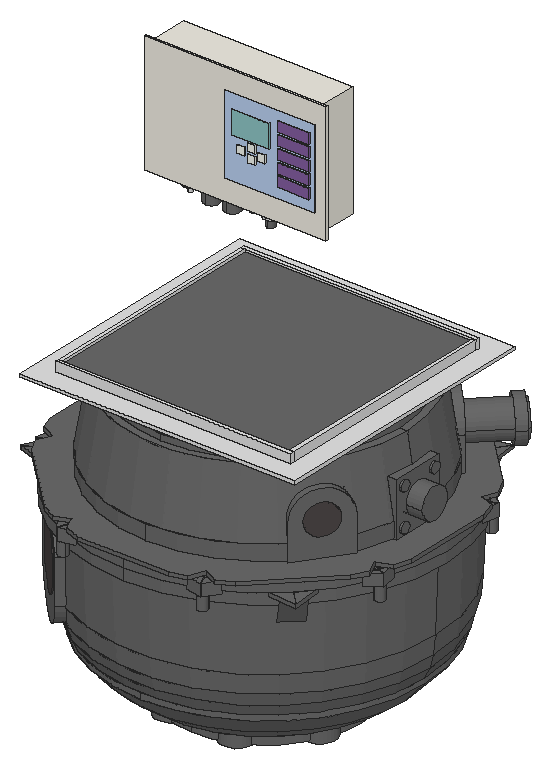
Revit family "281230s (200)", category Generic Models, Revit 2021
Family settings
  Can host rebar = No
  Round Connector Dimension = Use Diameter
  Part Type = Normal
  Work Plane-Based = No
  Always vertical = Yes
  Cut with Voids When Loaded = No
  Shared = Yes
  Room Calculation Point = No
Parameters (values of type "281230S")
  SUPPLIER = "KESSEL"
  SA700ID50 = "internal"
  SA700ID49 = "Protection Class I"
  SA700ID48 = "no"
  SA700ID47 = "no"
  SA700ID46 = "yes"
  SA700ID37 = 9000 mm
  SA700ID34 = 15.5
  SA700ID33 = 1.4 W
  SA700ID32 = 22.80 kg
  SA700ID31 = 1
  SA700ID30 = 2
  SA700ID29 = "RWDR"
  SA700ID21 = 900
  SA700ID10 = "No"
  SA700ID08 = 230 V
  PROCUREWEBLINK = "https://p.caden.as/kessel/281230S"
  PROCURELINK = "p.caden.as/kessel/281230S"
  PROCUREDATALASTUPDATE = "2024-05-22T12:17:22.671585572+01:00"
  PRC_SPECIFICATIONLINK = "https://ausschreiben.de/catalog/kessel/catalogItem/d827dab7-7f65-4d42-832b-e67de5270245"
  NN = "Lifting station Aqualift S compact"
  NBSYN = "$SA810ID03. ($LODLEVEL.)"
  NB = "281230S (200)"
  Model = "281230S"
  Manufacturer = "KESSEL"
  MIdent = "{$CADENAS_DATA/23d-libs/kessel/kessel_vdi_import/4/entwaesserung/hebeanlage20aqualift20s20compact.prj},216 {STYP=ASS},{VTYP=3D},{NB=281230S (200)},{LINA=281230S},{NN=Lifting station Aqualift S compact},{DATE=21.11.2022 10:40:35},{GEOMDATE=21.11.2022 10:40:35},{VERSION=},{LINEID=100},{WBVAR=LODLEVEL},{WBNUMERIC=LODLEVEL}  {NB=281230S (200)},{LINA=281230S},{KT=DUMMY},{PREVIEW=../../bilder/ksb_w_281230s.png},{SA700ID04=Hebeanlage Aqualift S Compact, Duo, GTF 1200, Bodenplatte, schwarz},{SA810ID06=04026092082744},{SA700ID34=15.50},{SA010ID03=201805},{SA810ID03=281230S},{SA810ID10=Die steckerfertige Hebeanlage für fäkalienfreies Abwasser ist mit einer überflutbaren Pumpe sowie einem Rückflussverhinderer ausgestattet. Der Sammelbehälter aus dauerhaft beständigem Kunststoff (PE) besitzt einen offenen Pumpenraum. Einhandverschlüsse ermöglichen die einfache Entnahme der integrierten Komponenten. Die Anlage zum Einbau in die Bodenplatte ist vormontiert zur bauseitigen Endmontage.Die Steuerung erfolgt durch ein anwenderfreundliches Schaltgerät, das optional über einen potentialfreien Kontakt in die Gebäudeleittechnik eingebunden werden oder Alarm- und Sammelstörmeldungen über eine GSM-Schnittstelle ausgeben kann.- mit teleskopischem Aufsatzstück für stufenlosen Höhen- und Niveauausgleich und integriertem Bodenablauf- Sammelbehälter aus PE, beständig gegen aggressive Abwässer und 3 m Grundwasser- inklusive Rückflussverhinderer für die Druckleitung- inklusive Stutzen für Zulauf und Kabelleerrohr- Pumpe mit Freistromrad für höchste BetriebssicherheitAusführung:Anlagenart: DoppelanlagePumpensteuerung: SchaltgerätRückflussverhinderer: integriertAuslieferungszustand: installationsfertig (Verbindungsteile sind bauseits anzuschließen)Einbausituation: Einbau in die BodenplatteAbwasserart: fäkalienfreiAllgemeine Merkmale:Farbe: schwarzNorm: EN 12050-2Abmessungen:Länge: 617 mmBreite: 585 mmBehälter/Grundkörper:Zulauf Nennweite (DN): 100 mmDruckabgang (DN): 32 mmDruckabgang (DA): 40 mmEinbautiefe: 490 - 620 mmNutzvolumen: 20 lArt der Höhenverstellbarkeit: teleskopisches AufsatzstückAbdeckungsmerkmale:Abdeckungsart: Abdeckplatte mit SchlitzrostAbdeckung Material: KunststoffAbdeckung Farbe: schwarzBelastungsklasse: K 3 (EN 1253-1)Länge: 366 mmBreite: 366 mmVerriegelung: Lock & LiftFreier Kugeldurchgang: 30 mmFördereinrichtung:Pumpe: GTF 1200Anzahl Pumpen: 2Förderleistung max.: 15,5 m3/hFörderhöhe max.: 9 mBetriebsspannung: 230 VNetzfrequenz: 50 HzBetriebsart: S3 - 10 %Leistung P1: 1,4 kWLeistung P2: 0,84 kWDrehzahl: 2.650 U/minErforderliche Absicherung (Leitungsschutz): C 16 AFörderguttemperatur (dauerhaft) max.: 40 °CAnschlusstyp: codierter SteckerLaufrad Typ: FreistromradLänge Netzanschlussleitung Pumpe: 5 mNennstrom: 6,2 ASchutzart Pumpe: IP 68 (3m)Typ Anschlussleitung Pumpe: H07RN-F 3G 1,0 mm2Temperaturüberwachung: integriertSteuerung:Schaltgerät: ComfortBetriebsspannung: 230 VNetzfrequenz: 50 HzSelbstdiagnosesystem (SDS): jaBatteriepufferung: jaMehrzeilige Displayanzeige: jaLogbuchfunktion: jaUSB-Schnittstelle: jaGSM-Schnittstelle: jaPotentialfreier Kontakt: optionalSchutzart Schaltgerät: IP 54Anschlusstyp: codierter SteckerLänge Netzanschlussleitung Schaltgerät: 1,4 mArt Niveauerfassung: pneumatischInstrument Niveauerfassung: TauchrohrAlarmgeber: optische Sonde},{SA700ID37=9.00},{SA700ID33=1.40},{SA700ID08=230},{SA700ID30=2},{SA700ID32=22.80},{SA700ID49=Schutzklasse I},{SA700ID50=intern},{SA200ID03=6},{SA250ID03=vertikal},{SA260ID03=Trockenläuferpumpe},{SA350ID03=normalansaugend},{SA400ID03=E-Motor für Wechselstrom},{SA460ID03=direkt},{SA500ID03=Kunststoff, Edelstahl},{SA700ID06=32},{SA700ID07=100},{SA700ID09=1/N/PE 230V },{SA700ID10=Nein},{SA700ID11=50},{SA700ID12=IP 68},{SA700ID13=F},{SA700ID15=35},{SA700ID21=900.00},{SA700ID22=0.84},{SA700ID23=2650},{SA700ID24=2650},{SA700ID26=6.20},{SA700ID27=14.90},{SA700ID28=durchgehend},{SA700ID29=RWDR},{SA700ID31=1},{SA700ID46=ja},{SA700ID47=nein},{SA700ID48=nein},{SA110ID04=Hebeanlage Aqualift S Compact},{SA300ID03=einstufig},{SA700ID44=10.00},{SA700ID45=10.00},{SA010ID04=KESSEL AG},{LODLEVEL=200},{LINK=https://www.kessel.de/info?han=281230S},{SA970ID01=970},{SA970ID02=14151},{SA970ID03=281230S},{SA970ID04=11002617},{SA970ID05=QUAD},{SA970ID06=-326},{SA970ID07=-291.04},{SA970ID08=0},{SA970ID09=1},{SA970ID10=0},{SA970ID11=0},{SA970ID12=0},{SA970ID13=1},{SA970ID14=0},{SA970ID15=617.04},{SA970ID16=582.09},{SA970ID17=488.5},{LODLEVEL_=200,'Low'},{LODLEVEL_DEU=200,'Low'},{LINK_=https://www.kessel.de/info?han=281230S},{LINK_DEU=https://www.kessel.de/info?han=281230S},{LODLEVEL_3DB=281230S_200},{DNIN1=100},{DNIN2=125},{DNIN3=100},{DNIN4=100},{DNOUT1=70},{DNOUT2=32},{ISD1=60},{ISD2=10},{ISD3=10},{SA010ID01=010},{SA010ID02=4},{SA010ID06=www.kessel.de},{SA010ID07=www.kessel.de},{SA010ID12=20180713},{SA010ID13=DEU},{SA010ID14=DE},{SA100ID01=100},{SA100ID02=4},{SA100ID04=Entwässerung},{SA110ID01=110},{SA110ID02=30},{SA200ID01=200},{SA200ID02=6},{SA250ID01=250},{SA250ID02=2},{SA260ID01=260},{SA260ID02=2},{SA300ID01=300},{SA300ID02=1},{SA350ID01=350},{SA350ID02=1},{SA400ID01=400},{SA400ID02=1},{SA460ID01=460},{SA460ID02=1},{SA500ID01=500},{SA500ID02=1},{SA700ID01=700},{SA700ID02=200},{SA700ID10_=0},{SA700ID16=0},{SA700ID25=0},{SA700ID46_=1},{SA700ID47_=0},{SA700ID48_=0},{SA700ID49_=1},{SA700ID50_=2},{SA800ID01=800},{SA800ID02=15},{SA810ID01=810},{SA810ID02=200},{SA810ID04=281230S},{SA810ID07=200},{SA810ID09=1},{SA810ID14=PCE},{SA810ID15=1},{SA810ID16=NMP},{SA960ID03=200},{SA960ID04=3L},{SA960ID08=https://www.kessel.de/info?han=281230S},{SA010ID08=4026092000007},{SA100ID05=Hebeanlage},{SA110ID06=Hebeanlage}"
  LINK = "https://www.kessel.de/info?han=281230S"
  LINA = "281230S"
  Default Elevation = 0 mm
  CREATOR = "CADENAS GmbH"
  CATALOG = "KESSEL"
  BOMINFO = "LINA"
  ARTICLENO = "NB"
  4.810.00.9 Order quantity (multiplicator) = "1"
  4.810.00.7 Media- connection number = "200"
  4.810.00.6 GTIN number = "04026092082744"
  4.810.00.4 DATANORM number = "281230S"
  4.810.00.3 Producer order number = "281230S"
  4.710.03.7 Mass (net) = 22.80 kg
  4.710.03.6 Height = 490 mm
  4.710.03.5 Width = 580 mm
  4.710.03.4 Length = 620 mm
  4.710.03.3 Type of dimensions = "2"
  4.710.02.8 Area of application of wastewater pump = "2"
  4.710.02.7 Art des S2/S3-Betriebs = "50 %"
  4.710.02.6 Duty type = "S3"
  4.710.02.5 Cutting device = "0"
  4.710.02.4 Attached pump control = "1"
  4.710.02.3 Free passage = 30 mm
  4.710.01.6 Option to connect to building automation = "30"
  4.710.01.5 Load regulation = "0"
  4.710.01.4 Designation of closed-loop control = "20"
  4.700.00.9 Voltage = 0
  4.700.00.8 Nominal connection size on suction side = "100"
  4.700.00.7 Nominal connection size on pressure side = "100"
  4.700.00.6 Type of connection = "32"
  4.700.00.4 Product indentification = "Hebeanlage Aqualift S Compact, Duo, GTF 1200, Bodenplatte, schwarz"
  4.700.00.28 Motor pump shaft = "durchgehend"
  4.700.00.27 Starting current = 14.9
  4.700.00.26 Maximum power consumption per pump / drive = 6.2
  4.700.00.25 Minimum speed at internal speed adjustment = 0
  4.700.00.24 Nominal speed / maximum speed n = 44.1667
  4.700.00.23 Nominal speed of motor = 44.1667
  4.700.00.22 Maximum shaft output (P2) per pump/drive = 0.84 W
  4.700.00.16 Maximum temperature of pumped medium = 0 °C
  4.700.00.15 Increased safety class = "35 °C"
  4.700.00.13 Type of protection = "F"
  4.700.00.12 Frequency = 0
  4.700.00.11 Stern-/Dreieck-Anlaufschaltung bei Dreiphasenanschluss oder Drehstrom = "50 Hz"
  4.700.00.10 Phase = "0"
  4.500.00.3 Variant / Variant type / Accessories-name = "Kunststoff, Edelstahl"
  4.460.00.3 Variant / Variant type / Accessories-name = "direkt"
  4.400.00.3 Variant / Variant type / Accessories-name = "E-Motor für Wechselstrom"
  4.350.00.3 Variant / Variant type / Accessories-name = "normalansaugend"
  4.300.00.3 Variant / Variant type / Accessories-name = "einstufig"
  4.260.00.3 Variant / Variant type / Accessories-name = "Trockenläuferpumpe"
  4.250.00.3 Variant / Variant type / Accessories-name = "vertikal"
  4.200.00.3 Variant / Variant type / Accessories-name = "6"
  4.110.00.6 Product classification = "Hebeanlage"
  4.110.00.4 Product indentification = "Hebeanlage Aqualift S Compact"
  4.100.00.5 Main groups of wares = "Hebeanlage"
  4.100.00.4 Product indentification = "Entwässerung"
  4.010.00.8 Producer ID number = "4026092000007"
  4.010.00.7 Comment = "www.kessel.de"
  4.010.00.6 Web address of the manufacturer = "www.kessel.de"
  4.010.00.4 Manufacturer name = "KESSEL AG"
  4.010.00.3 Date of issuance (month) of guideline = "201805"
  4.010.00.2 Sheet number of the guideline = "4"
  4.010.00.14 Kennungen der Projektländer, für die die Datei gültig ist = "DE"
  4.010.00.13 Sprache der Datei = "DEU"
  4.010.00.12 Stand des Herstellerkatalogs = "20180713"
Reference planes
  plane 1 "Center (Front/Back)": y = 0
  plane 2: z = 0
  plane 3 "Center (Left/Right)": x = 0
Forms (mm)
  Extrusion 1, void
    sketch origin (-197.283, 197.283, 209) x (-0.707107, -0.707107, 0) y (0, 0, -1)
      loop
        line (-0.5, -0.5) -> (0.5, -0.5) -> (0.5, 0.5) -> (-0.5, 0.5) -> (-0.5, -0.5)
    from 0 to 1
  Extrusion 2, void
    sketch origin (-197.283, -197.283, 209) x (0.707107, -0.707107, 0) y (0, 0, -1)
      loop
        line (-0.5, -0.5) -> (0.5, -0.5) -> (0.5, 0.5) -> (-0.5, 0.5) -> (-0.5, -0.5)
    from 0 to 1
  Extrusion 3, void
    sketch origin (-247, 0, 370) x (0, -1, 0) y (0, 0, -1)
      loop
        line (-0.5, -0.5) -> (0.5, -0.5) -> (0.5, 0.5) -> (-0.5, 0.5) -> (-0.5, -0.5)
    from 0 to 1
  Extrusion 4, void
    sketch origin (242.226, 228.084, 376) x (-0.707107, 0.707107, 0) y (0, 0, -1)
      loop
        line (-0.5, -0.5) -> (0.5, -0.5) -> (0.5, 0.5) -> (-0.5, 0.5) -> (-0.5, -0.5)
    from 0 to 1
  Extrusion 5, void
    sketch origin (228.084, 242.226, 376) x (-0.707107, 0.707107, 0) y (0, 0, -1)
      loop
        line (-0.5, -0.5) -> (0.5, -0.5) -> (0.5, 0.5) -> (-0.5, 0.5) -> (-0.5, -0.5)
    from 0 to 1
  Extrusion 6, void
    sketch origin (242.226, 228.084, 364) x (-0.707107, 0.707107, 0) y (0, 0, -1)
      loop
        line (-0.5, -0.5) -> (0.5, -0.5) -> (0.5, 0.5) -> (-0.5, 0.5) -> (-0.5, -0.5)
    from 0 to 1
  Extrusion 7, void
    sketch origin (228.084, 242.226, 364) x (-0.707107, 0.707107, 0) y (0, 0, -1)
      loop
        line (-0.5, -0.5) -> (0.5, -0.5) -> (0.5, 0.5) -> (-0.5, 0.5) -> (-0.5, -0.5)
    from 0 to 1
Dimensions and locks
  locked: plane 2 to Extrusion 1 at 208.5
  locked: plane 2 to Extrusion 1 at 209.5
  locked: plane 2 to Extrusion 2 at 208.5
  locked: plane 2 to Extrusion 2 at 209.5
  locked: plane 2 to Extrusion 3 at 369.5
  locked: plane 2 to Extrusion 3 at 370.5
  locked: plane 2 to Extrusion 4 at 375.5
  locked: plane 2 to Extrusion 4 at 376.5
  locked: plane 2 to Extrusion 5 at 375.5
  locked: plane 2 to Extrusion 5 at 376.5
  locked: plane 2 to Extrusion 6 at 363.5
  locked: plane 2 to Extrusion 6 at 364.5
  locked: plane 2 to Extrusion 7 at 363.5
  locked: plane 2 to Extrusion 7 at 364.5
  aligned and locked: level to plane 2
Nested families
  nested 1: "281230s (200)_content" at (0, 0, 0), type "281230S (200)_Content"
  nested 2: "281230s (200)_part1_X0Y0" at (-194, 244.5, 558), type "281230S_PART1_X0Y0"
  nested 3: "281230s (200)_part2_X0Y0" at (0, 0, 0), type "281230S_PART2_X0Y0"
Connectors
  piping at (-112, 217, 557.2), diameter 10
    settings: on nested 2, index 1, connector inside diameter 609.6 mm, connector length 0 mm, flow factor 0, pipe flow 0.0 L/s, pressure drop 0.0 Pa, fitting loss kfactor 0, connector angle 0.00°, fixture units 0, engagement length 0 mm, angle of deflection 0.00°, flow configuration 0, flow direction 2, fitting loss method 2, system type 29, joint type 0, gender type 0, connector reference index -1, connector utility 0, adjustable connector no, is connector primary yes, connector description ""
  electrical at (-298, 217, 518.5)
    settings: on nested 2, index 2, voltage 0 V, apparent load 0 VA, apparent load phase1 0 VA, apparent load phase2 0 VA, apparent load phase3 0 VA, power factor 1, load classification "Other", number of poles 1, system type 31, power factor state 1, is connector primary yes, connector utility no, sub classification motor no, connector description ""
  electrical at (-264, 217, 515.9)
    settings: on nested 2, index 3, voltage 0 V, apparent load 0 VA, apparent load phase1 0 VA, apparent load phase2 0 VA, apparent load phase3 0 VA, power factor 1, load classification "Other", number of poles 1, system type 31, power factor state 1, is connector primary no, connector utility no, sub classification motor no, connector description ""
  electrical at (-230, 217, 515.9)
    settings: on nested 2, index 4, voltage 0 V, apparent load 0 VA, apparent load phase1 0 VA, apparent load phase2 0 VA, apparent load phase3 0 VA, power factor 1, load classification "Other", number of poles 1, system type 31, power factor state 1, is connector primary no, connector utility no, sub classification motor no, connector description ""
  electrical at (-192, 217, 528.2)
    settings: on nested 2, index 5, voltage 0 V, apparent load 0 VA, apparent load phase1 0 VA, apparent load phase2 0 VA, apparent load phase3 0 VA, power factor 1, load classification "Other", number of poles 1, system type 31, power factor state 1, is connector primary no, connector utility no, sub classification motor no, connector description ""
  electrical at (-168, 217, 513.45)
    settings: on nested 2, index 6, voltage 0 V, apparent load 0 VA, apparent load phase1 0 VA, apparent load phase2 0 VA, apparent load phase3 0 VA, power factor 1, load classification "Other", number of poles 1, system type 31, power factor state 1, is connector primary no, connector utility no, sub classification motor no, connector description ""
  electrical at (-140, 217, 557.2)
    settings: on nested 2, index 7, voltage 0 V, apparent load 0 VA, apparent load phase1 0 VA, apparent load phase2 0 VA, apparent load phase3 0 VA, power factor 1, load classification "Other", number of poles 1, system type 31, power factor state 1, is connector primary no, connector utility no, sub classification motor no, connector description ""
  piping at (-326, 0, 209), diameter 125
    settings: on nested 3, index 8, connector inside diameter 609.6 mm, connector length 0 mm, flow factor 0, pipe flow 0.0 L/s, pressure drop 0.0 Pa, fitting loss kfactor 0, connector angle 0.00°, fixture units 0, engagement length 0 mm, angle of deflection 0.00°, flow configuration 0, flow direction 1, fitting loss method 2, system type 29, joint type 0, gender type 0, connector reference index -1, connector utility 0, adjustable connector no, is connector primary no, connector description ""
  piping at (-197.283, 197.283, 209), diameter 100
    settings: on Extrusion 1, index 9, connector inside diameter 609.6 mm, connector length 0 mm, flow factor 0, pipe flow 0.0 L/s, pressure drop 0.0 Pa, fitting loss kfactor 0, connector angle 0.00°, fixture units 0, engagement length 0 mm, angle of deflection 0.00°, flow configuration 0, flow direction 0, fitting loss method 2, system type 29, joint type 0, gender type 0, connector reference index -1, connector utility 0, adjustable connector no, is connector primary no, connector description ""
  piping at (-197.283, -197.283, 209), diameter 100
    settings: on Extrusion 2, index 10, connector inside diameter 609.6 mm, connector length 0 mm, flow factor 0, pipe flow 0.0 L/s, pressure drop 0.0 Pa, fitting loss kfactor 0, connector angle 0.00°, fixture units 0, engagement length 0 mm, angle of deflection 0.00°, flow configuration 0, flow direction 0, fitting loss method 2, system type 29, joint type 0, gender type 0, connector reference index -1, connector utility 0, adjustable connector no, is connector primary no, connector description ""
  piping at (-247, 0, 370), diameter 70
    settings: on Extrusion 3, index 11, connector inside diameter 609.6 mm, connector length 0 mm, flow factor 0, pipe flow 0.0 L/s, pressure drop 0.0 Pa, fitting loss kfactor 0, connector angle 0.00°, fixture units 0, engagement length 0 mm, angle of deflection 0.00°, flow configuration 0, flow direction 0, fitting loss method 2, system type 29, joint type 0, gender type 0, connector reference index -1, connector utility 0, adjustable connector no, is connector primary no, connector description ""
  piping at (272.5, -3, 363.25), diameter 32
    settings: on nested 3, index 12, connector inside diameter 609.6 mm, connector length 0 mm, flow factor 0, pipe flow 0.0 L/s, pressure drop 0.0 Pa, fitting loss kfactor 0, connector angle 0.00°, fixture units 0, engagement length 0 mm, angle of deflection 0.00°, flow configuration 0, flow direction 2, fitting loss method 2, system type 29, joint type 0, gender type 0, connector reference index -1, connector utility 0, adjustable connector no, is connector primary no, connector description ""
  electrical at (242.226, 228.084, 376)
    settings: on Extrusion 4, index 13, voltage 0 V, apparent load 0 VA, apparent load phase1 0 VA, apparent load phase2 0 VA, apparent load phase3 0 VA, power factor 1, load classification "Other", number of poles 1, system type 31, power factor state 1, is connector primary no, connector utility no, sub classification motor no, connector description ""
  electrical at (228.084, 242.226, 376)
    settings: on Extrusion 5, index 14, voltage 0 V, apparent load 0 VA, apparent load phase1 0 VA, apparent load phase2 0 VA, apparent load phase3 0 VA, power factor 1, load classification "Other", number of poles 1, system type 31, power factor state 1, is connector primary no, connector utility no, sub classification motor no, connector description ""
  electrical at (242.226, 228.084, 364)
    settings: on Extrusion 6, index 15, voltage 0 V, apparent load 0 VA, apparent load phase1 0 VA, apparent load phase2 0 VA, apparent load phase3 0 VA, power factor 1, load classification "Other", number of poles 1, system type 31, power factor state 1, is connector primary no, connector utility no, sub classification motor no, connector description ""
  electrical at (228.084, 242.226, 364)
    settings: on Extrusion 7, index 16, voltage 0 V, apparent load 0 VA, apparent load phase1 0 VA, apparent load phase2 0 VA, apparent load phase3 0 VA, power factor 1, load classification "Other", number of poles 1, system type 31, power factor state 1, is connector primary no, connector utility no, sub classification motor no, connector description ""
Definition of nested family "281230s (200)_part1_X0Y0"
  Parameters (values of type "281230S_PART1_X0Y0")
    SUPPLIER = "KESSEL"
    SA700ID50 = "internal"
    SA700ID49 = "Protection Class I"
    SA700ID48 = "no"
    SA700ID47 = "no"
    SA700ID46 = "yes"
    SA700ID37 = 9000 mm
    SA700ID34 = 15.5
    SA700ID33 = 1.4 W
    SA700ID32 = 22.80 kg
    SA700ID31 = 1
    SA700ID30 = 2
    SA700ID29 = "RWDR"
    SA700ID21 = 900
    SA700ID10 = "No"
    SA700ID08 = 230 V
    NBSYN = "$SA810ID03. ($LODLEVEL.)_PART1"
    NB = "281230S (200)_PART1"
    Model = "281230S_PART1"
    Manufacturer = "KESSEL"
    MIdent = "{$CADENAS_DATA/23d-libs/kessel/kessel_vdi_import/4/entwaesserung/hebeanlage20aqualift20s20compact.prj},236 {VTYP=3D},{NB=281230S (200)_PART1},{LINA=281230S_PART1},{NN=Lifting station Aqualift S compact_PART1},{NOPRJ=TRUE},{DATE=21.11.2022 10:40:35},{GEOMDATE=21.11.2022 10:40:35},{VERSION=},{LINEID=100},{WBVAR=LODLEVEL},{WBNUMERIC=LODLEVEL}  {NB=281230S (200)_PART1},{LINA=281230S_PART1},{KT=DUMMY},{PREVIEW=../../bilder/ksb_w_281230s.png},{SA700ID04=Hebeanlage Aqualift S Compact, Duo, GTF 1200, Bodenplatte, schwarz},{SA810ID06=04026092082744},{SA700ID34=15.50},{SA010ID03=201805},{SA810ID03=281230S},{SA810ID10=Die steckerfertige Hebeanlage für fäkalienfreies Abwasser ist mit einer überflutbaren Pumpe sowie einem Rückflussverhinderer ausgestattet. Der Sammelbehälter aus dauerhaft beständigem Kunststoff (PE) besitzt einen offenen Pumpenraum. Einhandverschlüsse ermöglichen die einfache Entnahme der integrierten Komponenten. Die Anlage zum Einbau in die Bodenplatte ist vormontiert zur bauseitigen Endmontage.Die Steuerung erfolgt durch ein anwenderfreundliches Schaltgerät, das optional über einen potentialfreien Kontakt in die Gebäudeleittechnik eingebunden werden oder Alarm- und Sammelstörmeldungen über eine GSM-Schnittstelle ausgeben kann.- mit teleskopischem Aufsatzstück für stufenlosen Höhen- und Niveauausgleich und integriertem Bodenablauf- Sammelbehälter aus PE, beständig gegen aggressive Abwässer und 3 m Grundwasser- inklusive Rückflussverhinderer für die Druckleitung- inklusive Stutzen für Zulauf und Kabelleerrohr- Pumpe mit Freistromrad für höchste BetriebssicherheitAusführung:Anlagenart: DoppelanlagePumpensteuerung: SchaltgerätRückflussverhinderer: integriertAuslieferungszustand: installationsfertig (Verbindungsteile sind bauseits anzuschließen)Einbausituation: Einbau in die BodenplatteAbwasserart: fäkalienfreiAllgemeine Merkmale:Farbe: schwarzNorm: EN 12050-2Abmessungen:Länge: 617 mmBreite: 585 mmBehälter/Grundkörper:Zulauf Nennweite (DN): 100 mmDruckabgang (DN): 32 mmDruckabgang (DA): 40 mmEinbautiefe: 490 - 620 mmNutzvolumen: 20 lArt der Höhenverstellbarkeit: teleskopisches AufsatzstückAbdeckungsmerkmale:Abdeckungsart: Abdeckplatte mit SchlitzrostAbdeckung Material: KunststoffAbdeckung Farbe: schwarzBelastungsklasse: K 3 (EN 1253-1)Länge: 366 mmBreite: 366 mmVerriegelung: Lock & LiftFreier Kugeldurchgang: 30 mmFördereinrichtung:Pumpe: GTF 1200Anzahl Pumpen: 2Förderleistung max.: 15,5 m3/hFörderhöhe max.: 9 mBetriebsspannung: 230 VNetzfrequenz: 50 HzBetriebsart: S3 - 10 %Leistung P1: 1,4 kWLeistung P2: 0,84 kWDrehzahl: 2.650 U/minErforderliche Absicherung (Leitungsschutz): C 16 AFörderguttemperatur (dauerhaft) max.: 40 °CAnschlusstyp: codierter SteckerLaufrad Typ: FreistromradLänge Netzanschlussleitung Pumpe: 5 mNennstrom: 6,2 ASchutzart Pumpe: IP 68 (3m)Typ Anschlussleitung Pumpe: H07RN-F 3G 1,0 mm2Temperaturüberwachung: integriertSteuerung:Schaltgerät: ComfortBetriebsspannung: 230 VNetzfrequenz: 50 HzSelbstdiagnosesystem (SDS): jaBatteriepufferung: jaMehrzeilige Displayanzeige: jaLogbuchfunktion: jaUSB-Schnittstelle: jaGSM-Schnittstelle: jaPotentialfreier Kontakt: optionalSchutzart Schaltgerät: IP 54Anschlusstyp: codierter SteckerLänge Netzanschlussleitung Schaltgerät: 1,4 mArt Niveauerfassung: pneumatischInstrument Niveauerfassung: TauchrohrAlarmgeber: optische Sonde},{SA700ID37=9.00},{SA700ID33=1.40},{SA700ID08=230},{SA700ID30=2},{SA700ID32=22.80},{SA700ID49=Schutzklasse I},{SA700ID50=intern},{SA200ID03=6},{SA250ID03=vertikal},{SA260ID03=Trockenläuferpumpe},{SA350ID03=normalansaugend},{SA400ID03=E-Motor für Wechselstrom},{SA460ID03=direkt},{SA500ID03=Kunststoff, Edelstahl},{SA700ID06=32},{SA700ID07=100},{SA700ID09=1/N/PE 230V },{SA700ID10=Nein},{SA700ID11=50},{SA700ID12=IP 68},{SA700ID13=F},{SA700ID15=35},{SA700ID21=900.00},{SA700ID22=0.84},{SA700ID23=2650},{SA700ID24=2650},{SA700ID26=6.20},{SA700ID27=14.90},{SA700ID28=durchgehend},{SA700ID29=RWDR},{SA700ID31=1},{SA700ID46=ja},{SA700ID47=nein},{SA700ID48=nein},{SA110ID04=Hebeanlage Aqualift S Compact},{SA300ID03=einstufig},{SA700ID44=10.00},{SA700ID45=10.00},{SA010ID04=KESSEL AG},{LODLEVEL=200},{LINK=https://www.kessel.de/info?han=281230S},{SA970ID01=970},{SA970ID02=14151},{SA970ID03=281230S},{SA970ID04=11002617},{SA970ID05=QUAD},{SA970ID06=-326},{SA970ID07=-291.04},{SA970ID08=0},{SA970ID09=1},{SA970ID10=0},{SA970ID11=0},{SA970ID12=0},{SA970ID13=1},{SA970ID14=0},{SA970ID15=617.04},{SA970ID16=582.09},{SA970ID17=488.5},{LODLEVEL_=200,'Low'},{LODLEVEL_DEU=200,'Low'},{LINK_=https://www.kessel.de/info?han=281230S},{LINK_DEU=https://www.kessel.de/info?han=281230S},{LODLEVEL_3DB=281230S_200},{DNIN1=100},{DNIN2=125},{DNIN3=100},{DNIN4=100},{DNOUT1=70},{DNOUT2=32},{ISD1=60},{ISD2=10},{ISD3=10},{SA010ID01=010},{SA010ID02=4},{SA010ID06=www.kessel.de},{SA010ID07=www.kessel.de},{SA010ID12=20180713},{SA010ID13=DEU},{SA010ID14=DE},{SA100ID01=100},{SA100ID02=4},{SA100ID04=Entwässerung},{SA110ID01=110},{SA110ID02=30},{SA200ID01=200},{SA200ID02=6},{SA250ID01=250},{SA250ID02=2},{SA260ID01=260},{SA260ID02=2},{SA300ID01=300},{SA300ID02=1},{SA350ID01=350},{SA350ID02=1},{SA400ID01=400},{SA400ID02=1},{SA460ID01=460},{SA460ID02=1},{SA500ID01=500},{SA500ID02=1},{SA700ID01=700},{SA700ID02=200},{SA700ID10_=0},{SA700ID16=0},{SA700ID25=0},{SA700ID46_=1},{SA700ID47_=0},{SA700ID48_=0},{SA700ID49_=1},{SA700ID50_=2},{SA800ID01=800},{SA800ID02=15},{SA810ID01=810},{SA810ID02=200},{SA810ID04=281230S},{SA810ID07=200},{SA810ID09=1},{SA810ID14=PCE},{SA810ID15=1},{SA810ID16=NMP},{SA960ID03=200},{SA960ID04=3L},{SA960ID08=https://www.kessel.de/info?han=281230S},{SA010ID08=4026092000007},{SA100ID05=Hebeanlage},{SA110ID06=Hebeanlage}"
    LINK = "https://www.kessel.de/info?han=281230S"
    LINA = "281230S_PART1"
    Default Elevation = 1219.2 mm
    CREATOR = "CADENAS GmbH"
    CATALOG = "KESSEL"
    BOMINFO = "LINA"
    ARTICLENO = "NB"
    4.810.00.9 Order quantity (multiplicator) = "1"
    4.810.00.7 Media- connection number = "200"
    4.810.00.6 GTIN number = "04026092082744"
    4.810.00.4 DATANORM number = "281230S"
    4.810.00.3 Producer order number = "281230S"
    4.710.03.7 Mass (net) = 22.80 kg
    4.710.03.6 Height = 490 mm
    4.710.03.5 Width = 580 mm
    4.710.03.4 Length = 620 mm
    4.710.03.3 Type of dimensions = "2"
    4.710.02.8 Area of application of wastewater pump = "2"
    4.710.02.7 Art des S2/S3-Betriebs = "50 %"
    4.710.02.6 Duty type = "S3"
    4.710.02.5 Cutting device = "0"
    4.710.02.4 Attached pump control = "1"
    4.710.02.3 Free passage = 30 mm
    4.710.01.6 Option to connect to building automation = "30"
    4.710.01.5 Load regulation = "0"
    4.710.01.4 Designation of closed-loop control = "20"
    4.700.00.9 Voltage = 0
    4.700.00.8 Nominal connection size on suction side = "100"
    4.700.00.7 Nominal connection size on pressure side = "100"
    4.700.00.6 Type of connection = "32"
    4.700.00.4 Product indentification = "Hebeanlage Aqualift S Compact, Duo, GTF 1200, Bodenplatte, schwarz"
    4.700.00.28 Motor pump shaft = "durchgehend"
    4.700.00.27 Starting current = 14.9
    4.700.00.26 Maximum power consumption per pump / drive = 6.2
    4.700.00.25 Minimum speed at internal speed adjustment = 0
    4.700.00.24 Nominal speed / maximum speed n = 44.1667
    4.700.00.23 Nominal speed of motor = 44.1667
    4.700.00.22 Maximum shaft output (P2) per pump/drive = 0.84 W
    4.700.00.16 Maximum temperature of pumped medium = 0 °C
    4.700.00.15 Increased safety class = "35 °C"
    4.700.00.13 Type of protection = "F"
    4.700.00.12 Frequency = 0
    4.700.00.11 Stern-/Dreieck-Anlaufschaltung bei Dreiphasenanschluss oder Drehstrom = "50 Hz"
    4.700.00.10 Phase = "0"
    4.500.00.3 Variant / Variant type / Accessories-name = "Kunststoff, Edelstahl"
    4.460.00.3 Variant / Variant type / Accessories-name = "direkt"
    4.400.00.3 Variant / Variant type / Accessories-name = "E-Motor für Wechselstrom"
    4.350.00.3 Variant / Variant type / Accessories-name = "normalansaugend"
    4.300.00.3 Variant / Variant type / Accessories-name = "einstufig"
    4.260.00.3 Variant / Variant type / Accessories-name = "Trockenläuferpumpe"
    4.250.00.3 Variant / Variant type / Accessories-name = "vertikal"
    4.200.00.3 Variant / Variant type / Accessories-name = "6"
    4.110.00.6 Product classification = "Hebeanlage"
    4.110.00.4 Product indentification = "Hebeanlage Aqualift S Compact"
    4.100.00.5 Main groups of wares = "Hebeanlage"
    4.100.00.4 Product indentification = "Entwässerung"
    4.010.00.8 Producer ID number = "4026092000007"
    4.010.00.7 Comment = "www.kessel.de"
    4.010.00.6 Web address of the manufacturer = "www.kessel.de"
    4.010.00.4 Manufacturer name = "KESSEL AG"
    4.010.00.3 Date of issuance (month) of guideline = "201805"
    4.010.00.2 Sheet number of the guideline = "4"
    4.010.00.14 Kennungen der Projektländer, für die die Datei gültig ist = "DE"
    4.010.00.13 Sprache der Datei = "DEU"
    4.010.00.12 Stand des Herstellerkatalogs = "20180713"
  Reference planes
    plane 1 "Center (Front/Back)": y = 0
    plane 2: z = 0
    plane 3 "Center (Left/Right)": x = 0
  Dimensions and locks
    aligned and locked: level to plane 2
  Nested families
    nested 1: "281230s (200)_part1_content" at (0, 0, 0), type "281230S (200)_PART1_Content"
  Definition of nested family "281230s (200)_part1_content"
    Parameters (values of type "281230S (200)_PART1_Content")
      SUPPLIER = "KESSEL"
      SA700ID50 = "internal"
      SA700ID49 = "Protection Class I"
      SA700ID48 = "no"
      SA700ID47 = "no"
      SA700ID46 = "yes"
      SA700ID37 = 9000 mm
      SA700ID34 = 15.5
      SA700ID33 = 1.4 W
      SA700ID32 = 22.80 kg
      SA700ID31 = 1
      SA700ID30 = 2
      SA700ID29 = "RWDR"
      SA700ID21 = 900
      SA700ID10 = "No"
      SA700ID08 = 230 V
      NBSYN = "$SA810ID03. ($LODLEVEL.)_PART1"
      NB = "281230S (200)_PART1"
      Model = "281230S_PART1"
      Manufacturer = "KESSEL"
      LINK = "https://www.kessel.de/info?han=281230S"
      LINA = "281230S_PART1"
      Default Elevation = 1219.2 mm
      CREATOR = "CADENAS GmbH"
      CATALOG = "KESSEL"
      BOMINFO = "LINA"
      ARTICLENO = "NB"
      4.810.00.9 Order quantity (multiplicator) = "1"
      4.810.00.7 Media- connection number = "200"
      4.810.00.6 GTIN number = "04026092082744"
      4.810.00.4 DATANORM number = "281230S"
      4.810.00.3 Producer order number = "281230S"
      4.710.03.7 Mass (net) = 22.80 kg
      4.710.03.6 Height = 490 mm
      4.710.03.5 Width = 580 mm
      4.710.03.4 Length = 620 mm
      4.710.03.3 Type of dimensions = "2"
      4.710.02.8 Area of application of wastewater pump = "2"
      4.710.02.7 Art des S2/S3-Betriebs = "50 %"
      4.710.02.6 Duty type = "S3"
      4.710.02.5 Cutting device = "0"
      4.710.02.4 Attached pump control = "1"
      4.710.02.3 Free passage = 30 mm
      4.710.01.6 Option to connect to building automation = "30"
      4.710.01.5 Load regulation = "0"
      4.710.01.4 Designation of closed-loop control = "20"
      4.700.00.9 Voltage = 0
      4.700.00.8 Nominal connection size on suction side = "100"
      4.700.00.7 Nominal connection size on pressure side = "100"
      4.700.00.6 Type of connection = "32"
      4.700.00.4 Product indentification = "Hebeanlage Aqualift S Compact, Duo, GTF 1200, Bodenplatte, schwarz"
      4.700.00.28 Motor pump shaft = "durchgehend"
      4.700.00.27 Starting current = 14.9
      4.700.00.26 Maximum power consumption per pump / drive = 6.2
      4.700.00.25 Minimum speed at internal speed adjustment = 0
      4.700.00.24 Nominal speed / maximum speed n = 44.1667
      4.700.00.23 Nominal speed of motor = 44.1667
      4.700.00.22 Maximum shaft output (P2) per pump/drive = 0.84 W
      4.700.00.16 Maximum temperature of pumped medium = 0 °C
      4.700.00.15 Increased safety class = "35 °C"
      4.700.00.13 Type of protection = "F"
      4.700.00.12 Frequency = 0
      4.700.00.11 Stern-/Dreieck-Anlaufschaltung bei Dreiphasenanschluss oder Drehstrom = "50 Hz"
      4.700.00.10 Phase = "0"
      4.500.00.3 Variant / Variant type / Accessories-name = "Kunststoff, Edelstahl"
      4.460.00.3 Variant / Variant type / Accessories-name = "direkt"
      4.400.00.3 Variant / Variant type / Accessories-name = "E-Motor für Wechselstrom"
      4.350.00.3 Variant / Variant type / Accessories-name = "normalansaugend"
      4.300.00.3 Variant / Variant type / Accessories-name = "einstufig"
      4.260.00.3 Variant / Variant type / Accessories-name = "Trockenläuferpumpe"
      4.250.00.3 Variant / Variant type / Accessories-name = "vertikal"
      4.200.00.3 Variant / Variant type / Accessories-name = "6"
      4.110.00.6 Product classification = "Hebeanlage"
      4.110.00.4 Product indentification = "Hebeanlage Aqualift S Compact"
      4.100.00.5 Main groups of wares = "Hebeanlage"
      4.100.00.4 Product indentification = "Entwässerung"
      4.010.00.8 Producer ID number = "4026092000007"
      4.010.00.7 Comment = "www.kessel.de"
      4.010.00.6 Web address of the manufacturer = "www.kessel.de"
      4.010.00.4 Manufacturer name = "KESSEL AG"
      4.010.00.3 Date of issuance (month) of guideline = "201805"
      4.010.00.2 Sheet number of the guideline = "4"
      4.010.00.14 Kennungen der Projektländer, für die die Datei gültig ist = "DE"
      4.010.00.13 Sprache der Datei = "DEU"
      4.010.00.12 Stand des Herstellerkatalogs = "20180713"
    Reference planes
      plane 1 "Center (Front/Back)": y = 0
      plane 2: z = 0
      plane 3 "Center (Left/Right)": x = 0
    Forms (mm)
      Extrusion 1, solid, detail levels medium+fine
        sketch origin (49.8, -68, 72.2) x (0, -1, 0) y (0, 0, 1)
          loop
            line (-0.5, 12) -> (-0.5, 0) -> (1, 0) -> (1, 12) -> (-0.5, 12)
        from 0 to 12
      Extrusion 2, solid, detail levels medium+fine
        sketch origin (129.3, -67, 28.2) x (0, -1, 0) y (0, 0, 1)
          loop
            line (-0.5, 127) -> (-0.5, 0) -> (1, 0) -> (1, 127) -> (-0.5, 127)
        from 0 to 146
      Extrusion 3, solid, detail levels medium+fine
        sketch origin (33.3, -68, 80.45) x (0, -1, 0) y (0, 0, 1)
          loop
            line (-0.5, 12) -> (-0.5, 0) -> (1, 0) -> (1, 12) -> (-0.5, 12)
        from 0 to 12
      Extrusion 4, solid, detail levels medium+fine
        sketch origin (33.3, -68, 63.95) x (0, -1, 0) y (0, 0, 1)
          loop
            line (-0.5, 12) -> (-0.5, 0) -> (1, 0) -> (1, 12) -> (-0.5, 12)
        from 0 to 12
      Extrusion 5, solid, detail levels medium+fine
        sketch origin (56.3, -68, 95.45) x (0, -1, 0) y (0, 0, 1)
          loop
            line (-0.5, 37) -> (-0.5, 0) -> (1, 0) -> (1, 37) -> (-0.5, 37)
        from 0 to 60
      Extrusion 6, solid, detail levels medium+fine
        sketch origin (121.8, -68, 85.7) x (0, -1, 0) y (0, 0, 1)
          loop
            line (0, 16) -> (0, 0) -> (2, 0) -> (2, 16) -> (0, 16)
        from 0 to 51
      Extrusion 7, solid, detail levels medium+fine
        sketch origin (121.8, -68, 65.7) x (0, -1, 0) y (0, 0, 1)
          loop
            line (0, 16) -> (0, 0) -> (2, 0) -> (2, 16) -> (0, 16)
        from 0 to 51
      Extrusion 8, solid, detail levels medium+fine
        sketch origin (121.8, -68, 105.7) x (0, -1, 0) y (0, 0, 1)
          loop
            line (0, 16) -> (0, 0) -> (2, 0) -> (2, 16) -> (0, 16)
        from 0 to 51
      Extrusion 9, solid, detail levels medium+fine
        sketch origin (16.8, -68, 72.2) x (0, -1, 0) y (0, 0, 1)
          loop
            line (-0.5, 12) -> (-0.5, 0) -> (1, 0) -> (1, 12) -> (-0.5, 12)
        from 0 to 12
      Extrusion 10, solid, detail levels medium+fine
        sketch origin (121.8, -68, 45.7) x (0, -1, 0) y (0, 0, 1)
          loop
            line (0, 16) -> (0, 0) -> (2, 0) -> (2, 16) -> (0, 16)
        from 0 to 51
      Extrusion 11, solid, detail levels medium+fine
        sketch origin (147, -63.5, -7) x (0, -1, 0) y (0, 0, 1)
          loop
            line (0, 194) -> (0, 0) -> (3.5, 0) -> (3.5, 194) -> (0, 194)
        from 0 to 294
      Extrusion 12, solid, detail levels medium+fine
        sketch origin (136.25, 0, 0) x (0, -1, 0) y (0, 0, 1)
          loop
            line (0, 184) -> (0, 0) -> (63.5, 0) -> (63.5, 184) -> (0, 184)
        from 0 to 272.5
      Extrusion 13, solid, detail levels medium+fine
        sketch origin (121.75, -68, 125.75) x (0, -1, 0) y (0, 0, 1)
          loop
            line (0, 16) -> (0, 0) -> (2, 0) -> (2, 16) -> (0, 16)
        from 0 to 51
      Extrusion 14, solid, detail levels medium+fine
        sketch origin (26, -27.5, 0) x (1, 0, 0) y (0, -1, 0)
          loop
            circle (0, 0) r 11
        from 0 to 11
      Extrusion 15, solid, detail levels medium+fine
        sketch origin (26, -27.5, -11) x (1, 0, 0) y (0, -1, 0)
          loop
            circle (0, 0) r 11
        from 0 to 19.8
      Extrusion 16, solid, detail levels medium+fine
        sketch origin (26, -27.5, -29.8) x (1, 0, 0) y (0, -1, 0)
          loop
            circle (0, 0) r 6
        from 0 to 14.75
      Extrusion 17, solid, detail levels medium+fine
        sketch origin (2, -27.5, 0) x (1, 0, 0) y (0, -1, 0)
          loop
            circle (0, 0) r 11
        from 0 to 20
      Extrusion 18, solid, detail levels medium+fine
        sketch origin (2, -27.5, -20) x (1, 0, 0) y (0, -1, 0)
          loop
            circle (0, 0) r 8.65
        from 0 to 9.8
      Extrusion 19, solid, detail levels medium+fine
        sketch origin (-36, -27.5, 0) x (1, 0, 0) y (0, -1, 0)
          loop
            circle (0, 0) r 12
        from 0 to 15
      Extrusion 20, solid, detail levels medium+fine
        sketch origin (-36, -27.5, -15) x (1, 0, 0) y (0, -1, 0)
          loop
            circle (0, 0) r 11.75
        from 0 to 27.1
      Extrusion 21, solid, detail levels medium+fine
        sketch origin (54, -27.5, 2) x (1, 0, 0) y (0, -1, 0)
          loop
            circle (0, 0) r 10
        from 0 to 2.8
      Extrusion 22, solid, detail levels medium+fine
        sketch origin (-70, -27.5, 0) x (1, 0, 0) y (0, -1, 0)
          loop
            circle (0, 0) r 12
        from 0 to 15
      Extrusion 23, solid, detail levels medium+fine
        sketch origin (-70, -27.5, -15) x (1, 0, 0) y (0, -1, 0)
          loop
            circle (0, 0) r 11.75
        from 0 to 27.1
      Extrusion 24, solid, detail levels medium+fine
        sketch origin (82, -27.5, 2) x (1, 0, 0) y (0, -1, 0)
          loop
            circle (0, 0) r 10
        from 0 to 2.8
      Extrusion 25, solid, detail levels medium+fine
        sketch origin (-104, -27.5, 0) x (1, 0, 0) y (0, -1, 0)
          loop
            circle (0, 0) r 10
        from 0 to 9
      Extrusion 26, solid, detail levels medium+fine
        sketch origin (-104, -27.5, -9) x (1, 0, 0) y (0, -1, 0)
          loop
            circle (0, 0) r 11
        from 0 to 20.5
      Extrusion 27, solid, detail levels medium+fine
        sketch origin (-104, -27.5, -29.5) x (1, 0, 0) y (0, -1, 0)
          loop
            circle (0, 0) r 3
        from 0 to 10
      Extrusion 28, solid, detail levels medium+fine
        sketch origin (110, -27.5, 1.2) x (1, 0, 0) y (0, -1, 0)
          loop
            circle (0, 0) r 13.5
        from 0 to 2.8
      Extrusion 29, solid, detail levels coarse
        sketch origin (0, -35, -44.55) x (1, 0, 0) y (0, 1, 0)
          loop
            line (-147, -35) -> (147, -35) -> (147, 35) -> (-147, 35) -> (-147, -35)
        from 0 to 231.55
    Dimensions and locks
      aligned and locked: level to plane 2
Definition of nested family "281230s (200)_part2_X0Y0"
  Parameters (values of type "281230S_PART2_X0Y0")
    SUPPLIER = "KESSEL"
    SA700ID50 = "internal"
    SA700ID49 = "Protection Class I"
    SA700ID48 = "no"
    SA700ID47 = "no"
    SA700ID46 = "yes"
    SA700ID37 = 9000 mm
    SA700ID34 = 15.5
    SA700ID33 = 1.4 W
    SA700ID32 = 22.80 kg
    SA700ID31 = 1
    SA700ID30 = 2
    SA700ID29 = "RWDR"
    SA700ID21 = 900
    SA700ID10 = "No"
    SA700ID08 = 230 V
    NBSYN = "$SA810ID03. ($LODLEVEL.)_PART2"
    NB = "281230S (200)_PART2"
    Model = "281230S_PART2"
    Manufacturer = "KESSEL"
    MIdent = "{$CADENAS_DATA/23d-libs/kessel/kessel_vdi_import/4/entwaesserung/hebeanlage20aqualift20s20compact.prj},236 {VTYP=3D},{NB=281230S (200)_PART2},{LINA=281230S_PART2},{NN=Lifting station Aqualift S compact_PART2},{NOPRJ=TRUE},{DATE=21.11.2022 10:40:35},{GEOMDATE=21.11.2022 10:40:35},{VERSION=},{LINEID=100},{WBVAR=LODLEVEL},{WBNUMERIC=LODLEVEL}  {NB=281230S (200)_PART2},{LINA=281230S_PART2},{KT=DUMMY},{PREVIEW=../../bilder/ksb_w_281230s.png},{SA700ID04=Hebeanlage Aqualift S Compact, Duo, GTF 1200, Bodenplatte, schwarz},{SA810ID06=04026092082744},{SA700ID34=15.50},{SA010ID03=201805},{SA810ID03=281230S},{SA810ID10=Die steckerfertige Hebeanlage für fäkalienfreies Abwasser ist mit einer überflutbaren Pumpe sowie einem Rückflussverhinderer ausgestattet. Der Sammelbehälter aus dauerhaft beständigem Kunststoff (PE) besitzt einen offenen Pumpenraum. Einhandverschlüsse ermöglichen die einfache Entnahme der integrierten Komponenten. Die Anlage zum Einbau in die Bodenplatte ist vormontiert zur bauseitigen Endmontage.Die Steuerung erfolgt durch ein anwenderfreundliches Schaltgerät, das optional über einen potentialfreien Kontakt in die Gebäudeleittechnik eingebunden werden oder Alarm- und Sammelstörmeldungen über eine GSM-Schnittstelle ausgeben kann.- mit teleskopischem Aufsatzstück für stufenlosen Höhen- und Niveauausgleich und integriertem Bodenablauf- Sammelbehälter aus PE, beständig gegen aggressive Abwässer und 3 m Grundwasser- inklusive Rückflussverhinderer für die Druckleitung- inklusive Stutzen für Zulauf und Kabelleerrohr- Pumpe mit Freistromrad für höchste BetriebssicherheitAusführung:Anlagenart: DoppelanlagePumpensteuerung: SchaltgerätRückflussverhinderer: integriertAuslieferungszustand: installationsfertig (Verbindungsteile sind bauseits anzuschließen)Einbausituation: Einbau in die BodenplatteAbwasserart: fäkalienfreiAllgemeine Merkmale:Farbe: schwarzNorm: EN 12050-2Abmessungen:Länge: 617 mmBreite: 585 mmBehälter/Grundkörper:Zulauf Nennweite (DN): 100 mmDruckabgang (DN): 32 mmDruckabgang (DA): 40 mmEinbautiefe: 490 - 620 mmNutzvolumen: 20 lArt der Höhenverstellbarkeit: teleskopisches AufsatzstückAbdeckungsmerkmale:Abdeckungsart: Abdeckplatte mit SchlitzrostAbdeckung Material: KunststoffAbdeckung Farbe: schwarzBelastungsklasse: K 3 (EN 1253-1)Länge: 366 mmBreite: 366 mmVerriegelung: Lock & LiftFreier Kugeldurchgang: 30 mmFördereinrichtung:Pumpe: GTF 1200Anzahl Pumpen: 2Förderleistung max.: 15,5 m3/hFörderhöhe max.: 9 mBetriebsspannung: 230 VNetzfrequenz: 50 HzBetriebsart: S3 - 10 %Leistung P1: 1,4 kWLeistung P2: 0,84 kWDrehzahl: 2.650 U/minErforderliche Absicherung (Leitungsschutz): C 16 AFörderguttemperatur (dauerhaft) max.: 40 °CAnschlusstyp: codierter SteckerLaufrad Typ: FreistromradLänge Netzanschlussleitung Pumpe: 5 mNennstrom: 6,2 ASchutzart Pumpe: IP 68 (3m)Typ Anschlussleitung Pumpe: H07RN-F 3G 1,0 mm2Temperaturüberwachung: integriertSteuerung:Schaltgerät: ComfortBetriebsspannung: 230 VNetzfrequenz: 50 HzSelbstdiagnosesystem (SDS): jaBatteriepufferung: jaMehrzeilige Displayanzeige: jaLogbuchfunktion: jaUSB-Schnittstelle: jaGSM-Schnittstelle: jaPotentialfreier Kontakt: optionalSchutzart Schaltgerät: IP 54Anschlusstyp: codierter SteckerLänge Netzanschlussleitung Schaltgerät: 1,4 mArt Niveauerfassung: pneumatischInstrument Niveauerfassung: TauchrohrAlarmgeber: optische Sonde},{SA700ID37=9.00},{SA700ID33=1.40},{SA700ID08=230},{SA700ID30=2},{SA700ID32=22.80},{SA700ID49=Schutzklasse I},{SA700ID50=intern},{SA200ID03=6},{SA250ID03=vertikal},{SA260ID03=Trockenläuferpumpe},{SA350ID03=normalansaugend},{SA400ID03=E-Motor für Wechselstrom},{SA460ID03=direkt},{SA500ID03=Kunststoff, Edelstahl},{SA700ID06=32},{SA700ID07=100},{SA700ID09=1/N/PE 230V },{SA700ID10=Nein},{SA700ID11=50},{SA700ID12=IP 68},{SA700ID13=F},{SA700ID15=35},{SA700ID21=900.00},{SA700ID22=0.84},{SA700ID23=2650},{SA700ID24=2650},{SA700ID26=6.20},{SA700ID27=14.90},{SA700ID28=durchgehend},{SA700ID29=RWDR},{SA700ID31=1},{SA700ID46=ja},{SA700ID47=nein},{SA700ID48=nein},{SA110ID04=Hebeanlage Aqualift S Compact},{SA300ID03=einstufig},{SA700ID44=10.00},{SA700ID45=10.00},{SA010ID04=KESSEL AG},{LODLEVEL=200},{LINK=https://www.kessel.de/info?han=281230S},{SA970ID01=970},{SA970ID02=14151},{SA970ID03=281230S},{SA970ID04=11002617},{SA970ID05=QUAD},{SA970ID06=-326},{SA970ID07=-291.04},{SA970ID08=0},{SA970ID09=1},{SA970ID10=0},{SA970ID11=0},{SA970ID12=0},{SA970ID13=1},{SA970ID14=0},{SA970ID15=617.04},{SA970ID16=582.09},{SA970ID17=488.5},{LODLEVEL_=200,'Low'},{LODLEVEL_DEU=200,'Low'},{LINK_=https://www.kessel.de/info?han=281230S},{LINK_DEU=https://www.kessel.de/info?han=281230S},{LODLEVEL_3DB=281230S_200},{DNIN1=100},{DNIN2=125},{DNIN3=100},{DNIN4=100},{DNOUT1=70},{DNOUT2=32},{ISD1=60},{ISD2=10},{ISD3=10},{SA010ID01=010},{SA010ID02=4},{SA010ID06=www.kessel.de},{SA010ID07=www.kessel.de},{SA010ID12=20180713},{SA010ID13=DEU},{SA010ID14=DE},{SA100ID01=100},{SA100ID02=4},{SA100ID04=Entwässerung},{SA110ID01=110},{SA110ID02=30},{SA200ID01=200},{SA200ID02=6},{SA250ID01=250},{SA250ID02=2},{SA260ID01=260},{SA260ID02=2},{SA300ID01=300},{SA300ID02=1},{SA350ID01=350},{SA350ID02=1},{SA400ID01=400},{SA400ID02=1},{SA460ID01=460},{SA460ID02=1},{SA500ID01=500},{SA500ID02=1},{SA700ID01=700},{SA700ID02=200},{SA700ID10_=0},{SA700ID16=0},{SA700ID25=0},{SA700ID46_=1},{SA700ID47_=0},{SA700ID48_=0},{SA700ID49_=1},{SA700ID50_=2},{SA800ID01=800},{SA800ID02=15},{SA810ID01=810},{SA810ID02=200},{SA810ID04=281230S},{SA810ID07=200},{SA810ID09=1},{SA810ID14=PCE},{SA810ID15=1},{SA810ID16=NMP},{SA960ID03=200},{SA960ID04=3L},{SA960ID08=https://www.kessel.de/info?han=281230S},{SA010ID08=4026092000007},{SA100ID05=Hebeanlage},{SA110ID06=Hebeanlage}"
    LINK = "https://www.kessel.de/info?han=281230S"
    LINA = "281230S_PART2"
    Default Elevation = 1219.2 mm
    CREATOR = "CADENAS GmbH"
    CATALOG = "KESSEL"
    BOMINFO = "LINA"
    ARTICLENO = "NB"
    4.810.00.9 Order quantity (multiplicator) = "1"
    4.810.00.7 Media- connection number = "200"
    4.810.00.6 GTIN number = "04026092082744"
    4.810.00.4 DATANORM number = "281230S"
    4.810.00.3 Producer order number = "281230S"
    4.710.03.7 Mass (net) = 22.80 kg
    4.710.03.6 Height = 490 mm
    4.710.03.5 Width = 580 mm
    4.710.03.4 Length = 620 mm
    4.710.03.3 Type of dimensions = "2"
    4.710.02.8 Area of application of wastewater pump = "2"
    4.710.02.7 Art des S2/S3-Betriebs = "50 %"
    4.710.02.6 Duty type = "S3"
    4.710.02.5 Cutting device = "0"
    4.710.02.4 Attached pump control = "1"
    4.710.02.3 Free passage = 30 mm
    4.710.01.6 Option to connect to building automation = "30"
    4.710.01.5 Load regulation = "0"
    4.710.01.4 Designation of closed-loop control = "20"
    4.700.00.9 Voltage = 0
    4.700.00.8 Nominal connection size on suction side = "100"
    4.700.00.7 Nominal connection size on pressure side = "100"
    4.700.00.6 Type of connection = "32"
    4.700.00.4 Product indentification = "Hebeanlage Aqualift S Compact, Duo, GTF 1200, Bodenplatte, schwarz"
    4.700.00.28 Motor pump shaft = "durchgehend"
    4.700.00.27 Starting current = 14.9
    4.700.00.26 Maximum power consumption per pump / drive = 6.2
    4.700.00.25 Minimum speed at internal speed adjustment = 0
    4.700.00.24 Nominal speed / maximum speed n = 44.1667
    4.700.00.23 Nominal speed of motor = 44.1667
    4.700.00.22 Maximum shaft output (P2) per pump/drive = 0.84 W
    4.700.00.16 Maximum temperature of pumped medium = 0 °C
    4.700.00.15 Increased safety class = "35 °C"
    4.700.00.13 Type of protection = "F"
    4.700.00.12 Frequency = 0
    4.700.00.11 Stern-/Dreieck-Anlaufschaltung bei Dreiphasenanschluss oder Drehstrom = "50 Hz"
    4.700.00.10 Phase = "0"
    4.500.00.3 Variant / Variant type / Accessories-name = "Kunststoff, Edelstahl"
    4.460.00.3 Variant / Variant type / Accessories-name = "direkt"
    4.400.00.3 Variant / Variant type / Accessories-name = "E-Motor für Wechselstrom"
    4.350.00.3 Variant / Variant type / Accessories-name = "normalansaugend"
    4.300.00.3 Variant / Variant type / Accessories-name = "einstufig"
    4.260.00.3 Variant / Variant type / Accessories-name = "Trockenläuferpumpe"
    4.250.00.3 Variant / Variant type / Accessories-name = "vertikal"
    4.200.00.3 Variant / Variant type / Accessories-name = "6"
    4.110.00.6 Product classification = "Hebeanlage"
    4.110.00.4 Product indentification = "Hebeanlage Aqualift S Compact"
    4.100.00.5 Main groups of wares = "Hebeanlage"
    4.100.00.4 Product indentification = "Entwässerung"
    4.010.00.8 Producer ID number = "4026092000007"
    4.010.00.7 Comment = "www.kessel.de"
    4.010.00.6 Web address of the manufacturer = "www.kessel.de"
    4.010.00.4 Manufacturer name = "KESSEL AG"
    4.010.00.3 Date of issuance (month) of guideline = "201805"
    4.010.00.2 Sheet number of the guideline = "4"
    4.010.00.14 Kennungen der Projektländer, für die die Datei gültig ist = "DE"
    4.010.00.13 Sprache der Datei = "DEU"
    4.010.00.12 Stand des Herstellerkatalogs = "20180713"
  Reference planes
    plane 1 "Center (Front/Back)": y = 0
    plane 2: z = 0
    plane 3 "Center (Left/Right)": x = 0
  Dimensions and locks
    aligned and locked: level to plane 2
  Nested families
    nested 1: "281230s (200)_part2_content" at (0, 0, 0), type "281230S (200)_PART2_Content"
  Definition of nested family "281230s (200)_part2_content"
    Parameters (values of type "281230S (200)_PART2_Content")
      SUPPLIER = "KESSEL"
      SA700ID50 = "internal"
      SA700ID49 = "Protection Class I"
      SA700ID48 = "no"
      SA700ID47 = "no"
      SA700ID46 = "yes"
      SA700ID37 = 9000 mm
      SA700ID34 = 15.5
      SA700ID33 = 1.4 W
      SA700ID32 = 22.80 kg
      SA700ID31 = 1
      SA700ID30 = 2
      SA700ID29 = "RWDR"
      SA700ID21 = 900
      SA700ID10 = "No"
      SA700ID08 = 230 V
      NBSYN = "$SA810ID03. ($LODLEVEL.)_PART2"
      NB = "281230S (200)_PART2"
      Model = "281230S_PART2"
      Manufacturer = "KESSEL"
      LINK = "https://www.kessel.de/info?han=281230S"
      LINA = "281230S_PART2"
      Default Elevation = 1219.2 mm
      CREATOR = "CADENAS GmbH"
      CATALOG = "KESSEL"
      BOMINFO = "LINA"
      ARTICLENO = "NB"
      4.810.00.9 Order quantity (multiplicator) = "1"
      4.810.00.7 Media- connection number = "200"
      4.810.00.6 GTIN number = "04026092082744"
      4.810.00.4 DATANORM number = "281230S"
      4.810.00.3 Producer order number = "281230S"
      4.710.03.7 Mass (net) = 22.80 kg
      4.710.03.6 Height = 490 mm
      4.710.03.5 Width = 580 mm
      4.710.03.4 Length = 620 mm
      4.710.03.3 Type of dimensions = "2"
      4.710.02.8 Area of application of wastewater pump = "2"
      4.710.02.7 Art des S2/S3-Betriebs = "50 %"
      4.710.02.6 Duty type = "S3"
      4.710.02.5 Cutting device = "0"
      4.710.02.4 Attached pump control = "1"
      4.710.02.3 Free passage = 30 mm
      4.710.01.6 Option to connect to building automation = "30"
      4.710.01.5 Load regulation = "0"
      4.710.01.4 Designation of closed-loop control = "20"
      4.700.00.9 Voltage = 0
      4.700.00.8 Nominal connection size on suction side = "100"
      4.700.00.7 Nominal connection size on pressure side = "100"
      4.700.00.6 Type of connection = "32"
      4.700.00.4 Product indentification = "Hebeanlage Aqualift S Compact, Duo, GTF 1200, Bodenplatte, schwarz"
      4.700.00.28 Motor pump shaft = "durchgehend"
      4.700.00.27 Starting current = 14.9
      4.700.00.26 Maximum power consumption per pump / drive = 6.2
      4.700.00.25 Minimum speed at internal speed adjustment = 0
      4.700.00.24 Nominal speed / maximum speed n = 44.1667
      4.700.00.23 Nominal speed of motor = 44.1667
      4.700.00.22 Maximum shaft output (P2) per pump/drive = 0.84 W
      4.700.00.16 Maximum temperature of pumped medium = 0 °C
      4.700.00.15 Increased safety class = "35 °C"
      4.700.00.13 Type of protection = "F"
      4.700.00.12 Frequency = 0
      4.700.00.11 Stern-/Dreieck-Anlaufschaltung bei Dreiphasenanschluss oder Drehstrom = "50 Hz"
      4.700.00.10 Phase = "0"
      4.500.00.3 Variant / Variant type / Accessories-name = "Kunststoff, Edelstahl"
      4.460.00.3 Variant / Variant type / Accessories-name = "direkt"
      4.400.00.3 Variant / Variant type / Accessories-name = "E-Motor für Wechselstrom"
      4.350.00.3 Variant / Variant type / Accessories-name = "normalansaugend"
      4.300.00.3 Variant / Variant type / Accessories-name = "einstufig"
      4.260.00.3 Variant / Variant type / Accessories-name = "Trockenläuferpumpe"
      4.250.00.3 Variant / Variant type / Accessories-name = "vertikal"
      4.200.00.3 Variant / Variant type / Accessories-name = "6"
      4.110.00.6 Product classification = "Hebeanlage"
      4.110.00.4 Product indentification = "Hebeanlage Aqualift S Compact"
      4.100.00.5 Main groups of wares = "Hebeanlage"
      4.100.00.4 Product indentification = "Entwässerung"
      4.010.00.8 Producer ID number = "4026092000007"
      4.010.00.7 Comment = "www.kessel.de"
      4.010.00.6 Web address of the manufacturer = "www.kessel.de"
      4.010.00.4 Manufacturer name = "KESSEL AG"
      4.010.00.3 Date of issuance (month) of guideline = "201805"
      4.010.00.2 Sheet number of the guideline = "4"
      4.010.00.14 Kennungen der Projektländer, für die die Datei gültig ist = "DE"
      4.010.00.13 Sprache der Datei = "DEU"
      4.010.00.12 Stand des Herstellerkatalogs = "20180713"
    Reference planes
      plane 1 "Center (Front/Back)": y = 0
      plane 2: z = 0
      plane 3 "Center (Left/Right)": x = 0
    Forms (mm)
      Extrusion 1, solid, detail levels medium+fine
        sketch origin (0, 0, 2) x (0, 1, 0) y (-1, 0, 0)
          loop
            circle (0, 0) r 153
        from 0 to 26.5
      Revolve 2, solid, detail levels medium+fine
        sketch origin (0, 0, 21) x (0, 0, 1) y (-1, 0, 0)
          loop
            line (0, 0) -> (16, 0) -> (16, 193) -> (0, 153) -> (0, 0)
          axis (16, 0) -> (0, 0)
        angle from -360 to 0
      Revolve 3, solid, detail levels medium+fine
        sketch origin (0, 0, 37) x (0, 0, 1) y (-1, 0, 0)
          loop
            line (0, 0) -> (24, 0) -> (24, 225) -> (0, 193) -> (0, 0)
          axis (24, 0) -> (0, 0)
        angle from -360 to 0
      Revolve 4, solid, detail levels medium+fine
        sketch origin (0, 0, 61) x (0, 0, 1) y (-1, 0, 0)
          loop
            line (0, 0) -> (33, 0) -> (33, 255) -> (0, 225) -> (0, 0)
          axis (33, 0) -> (0, 0)
        angle from -360 to 0
      Extrusion 5, solid, detail levels medium+fine
        sketch origin (0, 0, 94) x (0, 1, 0) y (-1, 0, 0)
          loop
            circle (0, 0) r 255
        from 0 to 9
      Revolve 6, solid, detail levels medium+fine
        sketch origin (0, 0, 103) x (0, 0, 1) y (-1, 0, 0)
          loop
            line (0, 0) -> (18, 0) -> (18, 263.5) -> (0, 255) -> (0, 0)
          axis (18, 0) -> (0, 0)
        angle from -360 to 0
      Revolve 7, solid, detail levels medium+fine
        sketch origin (0, 0, 121) x (0, 0, 1) y (-1, 0, 0)
          loop
            line (0, 0) -> (20, 0) -> (20, 269.5) -> (0, 263.5) -> (0, 0)
          axis (20, 0) -> (0, 0)
        angle from -360 to 0
      Revolve 8, solid, detail levels medium+fine
        sketch origin (0, 0, 141) x (0, 0, 1) y (-1, 0, 0)
          loop
            line (0, 0) -> (30, 0) -> (30, 272.75) -> (0, 269.5) -> (0, 0)
          axis (30, 0) -> (0, 0)
        angle from -360 to 0
      Revolve 9, solid, detail levels medium+fine
        sketch origin (0, 0, 171) x (0, 0, 1) y (-1, 0, 0)
          loop
            line (0, 0) -> (111, 0) -> (111, 277) -> (0, 272.75) -> (0, 0)
          axis (111, 0) -> (0, 0)
        angle from -360 to 0
      Extrusion 10, solid, detail levels medium+fine
        sketch origin (0, 0, 282) x (0, 1, 0) y (-1, 0, 0)
          loop
            circle (0, 0) r 290.5
        from 0 to 18
      Extrusion 11, solid, detail levels medium+fine
        sketch origin (0, 0, 300) x (0, 1, 0) y (-1, 0, 0)
          loop
            circle (0, 0) r 291
        from 0 to 14
      Extrusion 12, solid, detail levels medium+fine
        sketch origin (0, 0, 314) x (1, 0, 0) y (0, 1, 0)
          loop
            line (-291.044, -72.937) -> (-283.487, -98.291) -> (-260.422, -107.913) -> (-269.955, -130.928) -> (-257.458, -154.14) -> (-154.225, -257.373) -> (-130.953, -269.958) -> (-107.84, -260.453) -> (-98.307, -283.467) -> (-73.056, -291.044) -> (72.937, -291.044) -> (98.291, -283.487) -> (107.913, -260.422) -> (130.928, -269.955) -> (154.14, -257.458) -> (257.694, -153.632) -> (269.958, -130.953) -> (260.394, -107.864) -> (283.467, -98.307) -> (291.044, -73.056) -> (291.044, 72.937) -> (283.487, 98.291) -> (260.422, 107.913) -> (269.955, 130.928) -> (257.458, 154.14) -> (154.225, 257.373) -> (130.953, 269.958) -> (107.84, 260.453) -> (98.307, 283.467) -> (73.056, 291.044) -> (-72.937, 291.044) -> (-98.291, 283.487) -> (-107.913, 260.422) -> (-130.928, 269.955) -> (-154.14, 257.458) -> (-257.373, 154.225) -> (-269.958, 130.953) -> (-260.453, 107.84) -> (-283.467, 98.307) -> (-291.044, 73.056) -> (-291.044, -72.937)
        from 0 to 6
      Extrusion 13, solid, detail levels medium+fine
        sketch origin (0, 0, 320) x (0, 1, 0) y (-1, 0, 0)
          loop
            circle (0, 0) r 245.25
        from 0 to 24.5
      Revolve 14, solid, detail levels medium+fine
        sketch origin (0, 0, 344.5) x (0, 0, 1) y (-1, 0, 0)
          loop
            line (0, 0) -> (106.5, 0) -> (106.5, 227) -> (0, 245.25) -> (0, 0)
          axis (106.5, 0) -> (0, 0)
        angle from -360 to 0
      Extrusion 15, solid, detail levels medium+fine
        sketch origin (0, 0, 451) x (0, 1, 0) y (-1, 0, 0)
          loop
            circle (0, 0) r 214.5
        from 0 to 10
